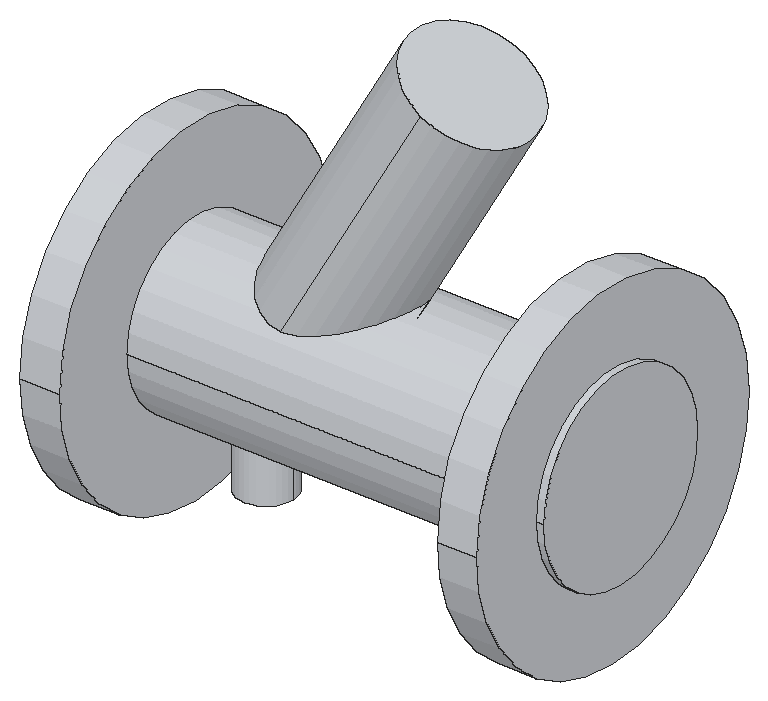
Revit family "HS 821-síto_standard-PN25-DN025-RFA_2019", category Pipe Accessories, Revit 2019
Family settings
  Round Connector Dimension = Use Diameter
  Part Type = Breaks Into
  Work Plane-Based = No
  Always vertical = Yes
  Cut with Voids When Loaded = No
  Shared = No
Parameters (values of type "821D-DN025-PN25-síto_standard")
  magiProductId = "b9a7fb4aa36643878c637d8e1ab992"
  magiProductFamilyId = "79214ac3aaa945e397802f559f5c1e"
  magiPartTypeId = 307
  isMeasuringValve [instance] = no
  ang2D [instance] = 0.00°
  ZB__ve = -ZB  # -19.25 mm
  ZB1 = 26.325 mm
  ZB = 19.25 mm
  X2 = 58.601 mm
  X1 = 22.4 mm
  W2D = 15 mm
  VersionID = "2.0/2017.9.26.1/ZETKAMA_821_001"
  Use Minimum Symbol Size [instance] = yes
  URL = "www.hydronic.cz"
  Type Comments = "Filtr přírubový; síto standardní; A-PN16 (-10~300°C); D-PN25 (-10~350°C); F-PN40 (-10~400°C)"
  S = 65 mm
  QmdConnectorList = "301;D;302;D"
  Productdata [instance] = ""
  Manufacturer = "Hydronic Systems Prague s.r.o."
  MC Product Code = "200 225 (821D; DN025; PN25; kvs14,7; oko síta 1,00mm)"
  LM1 = 12.8 mm
  LM = 128 mm
  L4 = 40 mm
  L2D_Min = 3048 mm
  L2D = 130 mm
  L2 = 80 mm
  HH2 = 101.5 mm
  FD = 115 mm
  Description = "Filtr přírubový; síto standardní; 821A-PN16; 821D-PN25; 821F-PN40"
  DM1 = 43.2 mm
  DM = 58.5 mm
  D = 25 mm
  CC = 2.72 mm
  CAT0 = yes
  C1 = 13.28 mm
  C = 16 mm
  BD = 18.427 mm
Types (40, lengths in mm): name | magiProductId | ZB__ve | ZB1 | ZB | X2 | X1 | S | MC Product Code | LM1 | LM | L4 | L2 | HH2 | FD | DM1 | DM | D | CC | C1 | C | BD
  821A-DN015-PN16-síto_standard | "a71bcfe8b393460598b23e8ddf7dc5" | -16.25 | 18.63 | 16.25 | 46.982 | 18.2 | 46 | "200 115 (821A; DN015; PN16; kvs6,3; oko síta 1,00mm)" | 10.4 | 104 | 32.5 | 65 | 81.375 | 95 | 27.6 | 41.4 | 15 | 2.21 | 10.79 | 13 | 13.041
  821A-DN020-PN16-síto_standard | "41cd6c7a12924f4991217528336076" | -17.75 | 22.68 | 17.75 | 51.673 | 21 | 56 | "200 120 (821A; DN020; PN16; kvs11,2; oko síta 1,00mm)" | 12 | 120 | 37.5 | 75 | 89.5 | 105 | 33.6 | 50.4 | 20 | 2.55 | 12.45 | 15 | 15.876
  821A-DN025-PN16-síto_standard | "be378b463ed14c3abf4c9b3ae8cf3a" | -19.25 | 26.325 | 19.25 | 58.601 | 22.4 | 65 | "200 125 (821A; DN025; PN16; kvs14,7; oko síta 1,00mm)" | 12.8 | 128 | 40 | 80 | 101.5 | 115 | 43.2 | 58.5 | 25 | 2.72 | 13.28 | 16 | 18.427
  821A-DN032-PN16-síto_standard | "227a0d18b21540afabe8b6067d35fa" | -23 | 30.78 | 23 | 68.849 | 25.2 | 76 | "200 132 (821A; DN032; PN16; kvs23,7; oko síta 1,00mm)" | 14.4 | 144 | 45 | 90 | 119.25 | 140 | 50.4 | 68.4 | 32 | 3.06 | 14.94 | 18 | 21.546
  821A-DN040-PN16-síto_standard | "d106917c74724141a10440112d0102" | -24.5 | 34.02 | 24.5 | 75.777 | 28 | 84 | "200 140 (821A; DN040; PN16; kvs37,7; oko síta 1,00mm)" | 16 | 160 | 50 | 100 | 131.25 | 150 | 60 | 75.6 | 40 | 3.4 | 16.6 | 20 | 23.814
  821A-DN050-PN16-síto_standard | "8255d456a09e4f6486734f5dd9171b" | -26.75 | 40.095 | 26.75 | 79.061 | 32.2 | 99 | "200 150 (821A; DN050 PN16; kvs57,9; oko síta 1,00mm)" | 18.4 | 184 | 57.5 | 115 | 136.938 | 165 | 73.8 | 89.1 | 50 | 3.91 | 19.09 | 23 | 28.066
  821A-DN065-PN16-síto_standard | "235b1b3e4c0843779a4d5e3716d40a" | -29.75 | 47.79 | 29.75 | 86.927 | 40.6 | 118 | "200 165 (821A; DN065; PN16; kvs101,5; oko síta 1,25mm)" | 23.2 | 232 | 72.5 | 145 | 150.562 | 185 | 94.2 | 106.2 | 65 | 4.93 | 24.07 | 29 | 33.453
  821A-DN080-PN16-síto_standard | "a067f7c5236348ed8c820d16df7214" | -32 | 53.46 | 32 | 104.753 | 43.4 | 132 | "200 180 (821A; DN080; PN16; kvs147,4; oko síta 1,25mm)" | 24.8 | 248 | 77.5 | 155 | 181.438 | 200 | 107.4 | 118.8 | 80 | 5.27 | 25.73 | 31 | 37.422
  821A-DN100-PN16-síto_standard | "c49a648c2747461285837d643703cd" | -35 | 63.18 | 35 | 114.857 | 49 | 156 | "200 190 (821A; DN100; PN16; kvs209,6; oko síta 1,60mm)" | 28 | 280 | 87.5 | 175 | 198.937 | 220 | 131.4 | 140.4 | 100 | 5.95 | 29.05 | 35 | 44.226
  821A-DN125-PN16-síto_standard | "bf68e728a163493cbd2a663b26ebdc" | -39.5 | 74.52 | 39.5 | 131.888 | 56 | 184 | "200 191 (821A; DN125; PN16; kvs326,2; oko síta 1,60mm)" | 32 | 320 | 100 | 200 | 228.438 | 250 | 165 | 165.6 | 125 | 6.8 | 33.2 | 40 | 52.164
  821A-DN150-PN16-síto_standard | "2de770284b654863ae6bc865769dc5" | -44.75 | 85.455 | 44.75 | 155.885 | 67.2 | 211 | "200 192 (821A; DN150; PN16; kvs403; oko síta 1,60mm)" | 38.4 | 384 | 120 | 240 | 270 | 285 | 192 | 189.9 | 150 | 8.16 | 39.84 | 48 | 59.818
  821A-DN200-PN16-síto_standard | "8e5693371ab64aabb29a7f08c76e15" | -53 | 107.73 | 53 | 188.361 | 84 | 266 | "200 193 (821A; DN200; PN16; kvs707; oko síta 1,60mm)" | 48 | 480 | 150 | 300 | 326.25 | 340 | 252 | 239.4 | 200 | 10.2 | 49.8 | 60 | 75.411
  821A-DN250-PN16-síto_standard | "05e37ed948c34047acdd4c42556504" | -62.75 | 129.195 | 62.75 | 255.911 | 102.2 | 319 | "200 194 (821A; DN250; PN16; kvs1234; oko síta 1,60mm)" | 58.4 | 584 | 182.5 | 365 | 443.25 | 405 | 309.6 | 287.1 | 250 | 12.41 | 60.59 | 73 | 90.436
  821A-DN300-PN16-síto_standard | "9ad0af747269428da925480d83ce80" | -71 | 149.85 | 71 | 325.914 | 119 | 370 | "200 195 (821A; DN300; PN16; kvs1916; oko síta 1,60mm)" | 68 | 680 | 212.5 | 425 | 564.5 | 460 | 369.6 | 333 | 300 | 14.45 | 70.55 | 85 | 104.895
  821A-DN350-PN16-síto_standard | "eebc71459bb3451bb4355e7951370a" | -80 | 173.745 | 80 | 356.875 | 137.2 | 429 | "200 196 (821A; DN350; PN16; kvs2621; oko síta 1,60mm)" | 78.4 | 784 | 245 | 490 | 618.125 | 520 | 438 | 386.1 | 350 | 16.66 | 81.34 | 98 | 121.621
  821A-DN400-PN16-síto_standard | "d2f677cb196647e385b2590e7d8abe" | -89 | 194.4 | 89 | 392.237 | 154 | 480 | "200 197 (821A; DN400; PN16; kvs3460; oko síta 1,60mm)" | 88 | 880 | 275 | 550 | 679.375 | 580 | 498 | 432 | 400 | 18.7 | 91.3 | 110 | 136.08
  821D-DN015-PN25-síto_standard | "27ddcbf555414f8ca1fde329bf9087" | -16.25 | 18.63 | 16.25 | 46.982 | 18.2 | 46 | "200 215 (821D; DN015; PN25; kvs6,3; oko síta 1,00mm)" | 10.4 | 104 | 32.5 | 65 | 81.375 | 95 | 27.6 | 41.4 | 15 | 2.21 | 10.79 | 13 | 13.041
  821D-DN020-PN25-síto_standard | "270e0f14012f47189cd0235c18faee" | -17.75 | 22.68 | 17.75 | 51.673 | 21 | 56 | "200 220 (821D; DN020; PN25; kvs11,2; oko síta 1,00mm)" | 12 | 120 | 37.5 | 75 | 89.5 | 105 | 33.6 | 50.4 | 20 | 2.55 | 12.45 | 15 | 15.876
  821D-DN025-PN25-síto_standard | "b9a7fb4aa36643878c637d8e1ab992" | -19.25 | 26.325 | 19.25 | 58.601 | 22.4 | 65 | "200 225 (821D; DN025; PN25; kvs14,7; oko síta 1,00mm)" | 12.8 | 128 | 40 | 80 | 101.5 | 115 | 43.2 | 58.5 | 25 | 2.72 | 13.28 | 16 | 18.427
  821D-DN032-PN25-síto_standard | "6be9a55c4e68400f94eec7e804204c" | -23 | 30.78 | 23 | 68.849 | 25.2 | 76 | "200 232 (821D; DN032; PN25; kvs23,7; oko síta 1,00mm)" | 14.4 | 144 | 45 | 90 | 119.25 | 140 | 50.4 | 68.4 | 32 | 3.06 | 14.94 | 18 | 21.546
  821D-DN040-PN25-síto_standard | "c54511bd7f584ec2984291479612cb" | -24.5 | 34.02 | 24.5 | 75.777 | 28 | 84 | "200 240 (821D; DN040; PN25; kvs37,7; oko síta 1,00mm)" | 16 | 160 | 50 | 100 | 131.25 | 150 | 60 | 75.6 | 40 | 3.4 | 16.6 | 20 | 23.814
  821D-DN050-PN25-síto_standard | "5483b1f596b04cd39b23a14a22c90e" | -26.75 | 40.095 | 26.75 | 79.061 | 32.2 | 99 | "200 250 (821D; DN050; PN25; kvs57,9; oko síta 1,00mm)" | 18.4 | 184 | 57.5 | 115 | 136.938 | 165 | 73.8 | 89.1 | 50 | 3.91 | 19.09 | 23 | 28.066
  821D-DN065-PN25-síto_standard | "767b0f8318e94750bc7a9930ed5b30" | -29.75 | 47.79 | 29.75 | 86.927 | 40.6 | 118 | "200 265 (821D; DN065; PN25; kvs101,5; oko síta 1,25mm)" | 23.2 | 232 | 72.5 | 145 | 150.562 | 185 | 94.2 | 106.2 | 65 | 4.93 | 24.07 | 29 | 33.453
  821D-DN080-PN25-síto_standard | "e21040fa3cc2404b858198f6b73709" | -32 | 53.46 | 32 | 104.753 | 43.4 | 132 | "200 280 (821D; DN080; PN25; kvs147,4; oko síta 1,25mm)" | 24.8 | 248 | 77.5 | 155 | 181.438 | 200 | 107.4 | 118.8 | 80 | 5.27 | 25.73 | 31 | 37.422
  821D-DN100-PN25-síto_standard | "175ca87a506b40b3bc6b82f12f33cf" | -37.25 | 63.18 | 37.25 | 114.857 | 49 | 156 | "200 290 (821D; DN100; PN25; kvs209,6; oko síta 1,60mm)" | 28 | 280 | 87.5 | 175 | 198.937 | 235 | 131.4 | 140.4 | 100 | 5.95 | 29.05 | 35 | 44.226
  821D-DN125-PN25-síto_standard | "77cc98d60da24855999a22dff726b2" | -42.5 | 74.52 | 42.5 | 131.888 | 56 | 184 | "200 291 (821D; DN125; PN25; kvs326,2; oko síta 1,60mm)" | 32 | 320 | 100 | 200 | 228.438 | 270 | 165 | 165.6 | 125 | 6.8 | 33.2 | 40 | 52.164
  821D-DN150-PN25-síto_standard | "9cf8acfcd15547d68e83172d3abcbe" | -47 | 85.455 | 47 | 155.885 | 67.2 | 211 | "200 292 (821D; DN150; PN25; kvs403; oko síta 1,60mm)" | 38.4 | 384 | 120 | 240 | 270 | 300 | 192 | 189.9 | 150 | 8.16 | 39.84 | 48 | 59.818
  821D-DN200-PN25-síto_standard | "16973f3c9ea14389ba8602495a6b64" | -56 | 110.97 | 56 | 188.361 | 84 | 274 | "200 293 (821D; DN200; PN25; kvs707; oko síta 1,60mm)" | 48 | 480 | 150 | 300 | 326.25 | 360 | 252 | 246.6 | 200 | 10.2 | 49.8 | 60 | 77.679
  821F-DN015-PN40-síto_standard | "4c7eaf3c4c0340888b3e684d8a8616" | -16.25 | 18.225 | 16.25 | 46.982 | 18.2 | 45 | "240 615 (821F; DN015; PN40; kvs6,3; oko síta 1,00mm)" | 10.4 | 104 | 32.5 | 65 | 81.375 | 95 | 27.6 | 40.5 | 15 | 2.21 | 10.79 | 13 | 12.757
  821F-DN020-PN40-síto_standard | "aaac5f1ec96b44d6ba96ac2293d66d" | -17.75 | 23.49 | 17.75 | 51.673 | 21 | 58 | "240 620 (821F; DN020; PN40; kvs11,2; oko síta 1,00mm)" | 12 | 120 | 37.5 | 75 | 89.5 | 105 | 33.6 | 52.2 | 20 | 2.55 | 12.45 | 15 | 16.443
  821F-DN025-PN40-síto_standard | "504768023968471481789485b54c7e" | -19.25 | 27.54 | 19.25 | 58.601 | 22.4 | 68 | "240 625 (821F; DN025; PN40; kvs14,7; oko síta 1,00mm)" | 12.8 | 128 | 40 | 80 | 101.5 | 115 | 43.2 | 61.2 | 25 | 2.72 | 13.28 | 16 | 19.278
  821F-DN032-PN40-síto_standard | "165e7f39cf744f329bdf1c400dad12" | -23 | 31.59 | 23 | 68.849 | 25.2 | 78 | "240 632 (821F; DN032; PN40; kvs23,7; oko síta 1,00mm)" | 14.4 | 144 | 45 | 90 | 119.25 | 140 | 50.4 | 70.2 | 32 | 3.06 | 14.94 | 18 | 22.113
  821F-DN040-PN40-síto_standard | "b8903f952089408fbf3a5a632bab1f" | -24.5 | 35.64 | 24.5 | 75.777 | 28 | 88 | "240 640 (821F; DN040; PN40; kvs37,7; oko síta 1,00mm)" | 16 | 160 | 50 | 100 | 131.25 | 150 | 60 | 79.2 | 40 | 3.4 | 16.6 | 20 | 24.948
  821F-DN050-PN40-síto_standard | "c451f97266fe48da8f879cb6a2bd44" | -26.75 | 41.31 | 26.75 | 79.061 | 32.2 | 102 | "240 650 (821F; DN050; PN40; kvs57,9; oko síta 1,00mm)" | 18.4 | 184 | 57.5 | 115 | 136.938 | 165 | 73.8 | 91.8 | 50 | 3.91 | 19.09 | 23 | 28.917
  821F-DN065-PN40-síto_standard | "dc9821e3f9b34e128f6a8c6b34c198" | -29.75 | 49.41 | 29.75 | 86.927 | 40.6 | 122 | "240 665 (821F; DN065; PN40; kvs101,5; oko síta 1,25mm)" | 23.2 | 232 | 72.5 | 145 | 150.562 | 185 | 94.2 | 109.8 | 65 | 4.93 | 24.07 | 29 | 34.587
  821F-DN080-PN40-síto_standard | "689aa1e260f84cf4994f027a1d86b5" | -32 | 55.89 | 32 | 104.753 | 43.4 | 138 | "240 680 (821F; DN080; PN40; kvs147,4; oko síta 1,25mm)" | 24.8 | 248 | 77.5 | 155 | 181.438 | 200 | 107.4 | 124.2 | 80 | 5.27 | 25.73 | 31 | 39.123
  821F-DN100-PN40-síto_standard | "8a45d4e8e2ab425f8c432f21d684f3" | -37.25 | 65.61 | 37.25 | 114.857 | 49 | 162 | "240 690 (821F; DN100; PN40; kvs209,6; oko síta 1,6mm)" | 28 | 280 | 87.5 | 175 | 198.937 | 235 | 131.4 | 145.8 | 100 | 5.95 | 29.05 | 35 | 45.927
  821F-DN125-PN40-síto_standard | "cf073904c006406b8645afa67ea2fc" | -42.5 | 76.14 | 42.5 | 131.888 | 56 | 188 | "240 691 (821F; DN125; PN40; kvs326,2; oko síta 1,6mm)" | 32 | 320 | 100 | 200 | 228.438 | 270 | 165 | 169.2 | 125 | 6.8 | 33.2 | 40 | 53.298
  821F-DN150-PN40-síto_standard | "0153b9ddabe14992a630484929fdbc" | -47 | 88.29 | 47 | 155.885 | 67.2 | 218 | "240 692 (821F; DN150; PN40; kvs403; oko síta 1,6mm)" | 38.4 | 384 | 120 | 240 | 270 | 300 | 192 | 196.2 | 150 | 8.16 | 39.84 | 48 | 61.803
  821F-DN200-PN40-síto_standard | "7fb3fc01dd8d42428c203e3f8dd4d5" | -56 | 115.425 | 56 | 188.361 | 84 | 285 | "240 693 (821F; DN200; PN40; kvs707; oko síta 1,6mm)" | 48 | 480 | 150 | 300 | 326.25 | 360 | 252 | 256.5 | 200 | 10.2 | 49.8 | 60 | 80.797
Reference planes
  plane 1 "Center (Front/Back)": y = 0
  plane 2 "XYPLANE": z = 0
  plane 3 "Center (Left/Right)": x = 0
  plane 4 "109": x = -51.2
  plane 5 "108": x = 64
  plane 6 "107": x = -64
  plane 7 "105": x = 80
  plane 8 "104": x = -80
  plane 9 "103": y = 0
  plane 10 "102": z = 0
  plane 11 "101": x = -77.28
  plane 12 "100": x = 77.28
  plane 13 "11": x = -28.8
  plane 14 "10": z = 101.5
  plane 15 "9": x = 29.801
  plane 16 "5": z = -26.325
  plane 17 "4": x = -40
  plane 18 "1": x = 40
Forms (mm)
  Extrusion 1, solid, visible <- "CAT0"
    sketch origin (-64, -750, 0) x (0, 1, 0) y (0, 0, 1)
      loop
        circle (750, 0) r 29.25
    from 0 to 128 <- "LM"
  Extrusion 2, solid
    sketch origin (-80, -750, 0) x (0, 1, 0) y (0, 0, 1)
      loop
        circle (750, 0) r 32.5
    from 0 to 2.72 <- "CC"
  Extrusion 3, solid
    sketch origin (-77.28, -750, 0) x (0, 1, 0) y (0, 0, 1)
      loop
        circle (750, 0) r 57.5
    from 0 to 13.28 <- "C1"
  Extrusion 4, solid
    sketch origin (64, -750, 0) x (0, 1, 0) y (0, 0, 1)
      loop
        circle (750, 0) r 57.5
    from 0 to 13.28 <- "C1"
  Extrusion 5, solid
    sketch origin (77.28, -750, 0) x (0, 1, 0) y (0, 0, 1)
      loop
        circle (750, 0) r 32.5
    from 0 to 2.72 <- "CC"
  Sweep 6, solid, visible <- "CAT0"
    path origin (750, 0, 0) x (-1, 0, 0) y (0, 0, 1)
      loop
        line (814, 0) -> (778.8, 0) -> (720.199, 101.5)
    profile origin (-64, 0, 0) x (0, 0, -1) y (0, 1, 0)
      loop
        circle (0, 0) r 21.6
  Extrusion 7, solid, visible <- "CAT0"
    sketch origin (-750, 0, -26.325) x (1, 0, 0) y (0, 1, 0)
      loop
        circle (710, 0) r 9.214
    from 0 to -19.25 <- "ZB__ve"
  Extrusion 8, solid, visible <- "CAT0"
    sketch origin (-750, 0, -26.325) x (1, 0, 0) y (0, 1, 0)
      loop
        circle (790, 0) r 9.214
    from 0 to -19.25 <- "ZB__ve"
  Extrusion 9, solid, not visible
    sketch origin (80, -750, 0) x (0, 1, 0) y (0, 0, 1)
      loop
        circle (750, 0) r 10
    from 0 to -10
  Extrusion 10, solid, not visible
    sketch origin (-80, -750, 0) x (0, 1, 0) y (0, 0, 1)
      loop
        circle (750, 0) r 10
    from 0 to 10
Lines and regions (mm)
  reference lines, not visible
    curve 1: circle (2, 2, 0) r 1 normal (0, 0, 1)
Dimensions and locks
  plane 1 "Center (Front/Back)" to curve 1 = 2 mm
  "LM1": plane 6 "107" to plane 4 "109"
  "LM": plane 6 "107" to plane 5 "108"
  "C": plane 8 "104" to plane 6 "107"
  "L2": plane 3 "Center (Left/Right)" to plane 7 "105"
  "L2": plane 3 "Center (Left/Right)" to plane 8 "104"
  locked: plane 1 "Center (Front/Back)" to plane 9 "103"
  locked: plane 2 "XYPLANE" to plane 10 "102"
  "CC": plane 8 "104" to plane 11 "101"
  "C1": plane 5 "108" to plane 12 "100"
  "X1": plane 4 "109" to plane 13 "11"
  "HH2": plane 2 "XYPLANE" to plane 14 "10"
  "X2": plane 13 "11" to plane 15 "9"
  "ZB1": plane 2 "XYPLANE" to plane 16 "5"
  "L4": plane 8 "104" to plane 17 "4"
  "L2": plane 17 "4" to plane 18 "1"
  Sweep 6 sketch curve to Sweep 6 sketch curve = 0 mm  (x2)
  "DM": diameter of Extrusion 1 sketch curve
  "S": diameter of Extrusion 2 sketch curve
  "FD": diameter of Extrusion 3 sketch curve
  "FD": diameter of Extrusion 4 sketch curve
  "S": diameter of Extrusion 5 sketch curve
  "DM1": diameter of Sweep 6 sketch curve
  "BD": diameter of Extrusion 7 sketch curve
  "BD": diameter of Extrusion 8 sketch curve
  aligned and locked: level to plane 2 "XYPLANE"
  aligned and locked: Extrusion 1 sketch curve to plane 9 "103"
  aligned and locked: plane 10 "102" to Extrusion 1 sketch curve
  aligned and locked: Extrusion 2 sketch curve to plane 9 "103"
  aligned and locked: plane 10 "102" to Extrusion 2 sketch curve
  aligned and locked: Extrusion 3 sketch curve to plane 9 "103"
  aligned and locked: plane 10 "102" to Extrusion 3 sketch curve
  aligned and locked: Extrusion 4 sketch curve to plane 9 "103"
  aligned and locked: plane 10 "102" to Extrusion 4 sketch curve
  aligned and locked: Extrusion 5 sketch curve to plane 9 "103"
  aligned and locked: plane 10 "102" to Extrusion 5 sketch curve
  aligned and locked: Sweep 6 sketch curve to plane 9 "103"
  aligned and locked: plane 10 "102" to Sweep 6 sketch curve  (x3)
  aligned and locked: plane 6 "107" to Sweep 6 sketch curve
  aligned and locked: plane 13 "11" to Sweep 6 sketch curve
  aligned and locked: plane 14 "10" to Sweep 6 sketch curve
  aligned and locked: plane 15 "9" to Sweep 6 sketch curve
  aligned and locked: plane 9 "103" to Extrusion 7 sketch curve
  aligned and locked: plane 17 "4" to Extrusion 7 sketch curve
  aligned and locked: plane 9 "103" to Extrusion 8 sketch curve
  aligned and locked: plane 18 "1" to Extrusion 8 sketch curve
  aligned and locked: Extrusion 9 sketch curve to plane 9 "103"
  aligned and locked: plane 10 "102" to Extrusion 9 sketch curve
  aligned and locked: Extrusion 10 sketch curve to plane 9 "103"
  aligned and locked: plane 10 "102" to Extrusion 10 sketch curve
Automatic sketch dimensions
  plane 1 "Center (Front/Back)" to Extrusion 9 sketch curve = 10 mm
  plane 1 "Center (Front/Back)" to Extrusion 10 sketch curve = 10 mm
  plane 3 "Center (Left/Right)" to curve 1 = 2 mm
  radius of curve 1 = 1 mm
Connectors
  piping at (-80, 0, 0), diameter 25, driven by "D"
    settings: on Extrusion 10, index 1, connector inside diameter 609.6 mm, connector length 0 mm, flow factor 0, pipe flow 0.0 L/s, pressure drop 0.0 Pa, fitting loss kfactor 0, connector angle 0.00°, fixture units 0, engagement length 0 mm, angle of deflection 0.00°, flow configuration 0, flow direction 0, fitting loss method 0, system type 29, joint type 0, gender type 0, connector reference index 2, connector utility 0, adjustable connector no, is connector primary yes, connector description ""
  piping at (80, 0, 0), diameter 25, driven by "D"
    settings: on Extrusion 9, index 2, connector inside diameter 609.6 mm, connector length 0 mm, flow factor 0, pipe flow 0.0 L/s, pressure drop 0.0 Pa, fitting loss kfactor 0, connector angle 0.00°, fixture units 0, engagement length 0 mm, angle of deflection 0.00°, flow configuration 0, flow direction 0, fitting loss method 0, system type 29, joint type 0, gender type 0, connector reference index 1, connector utility 0, adjustable connector no, is connector primary no, connector description ""
